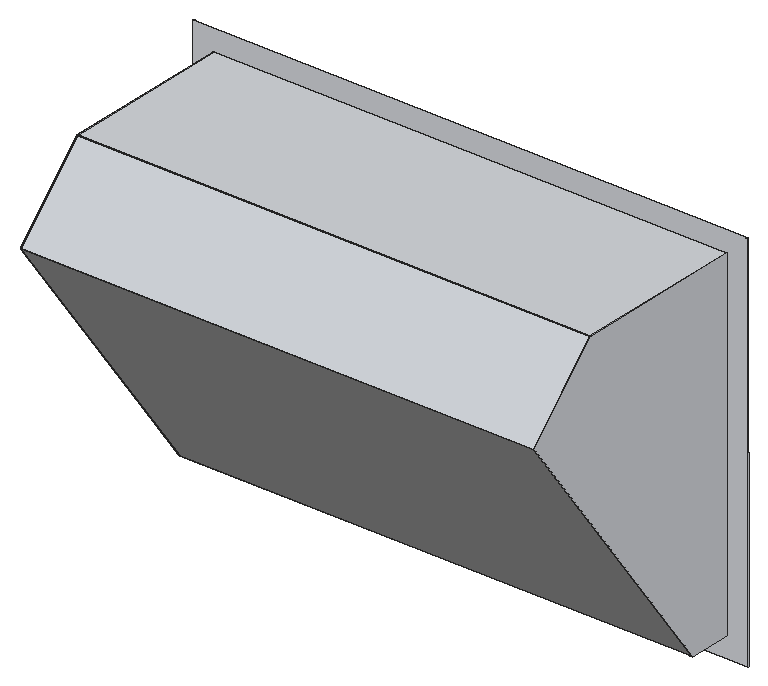
Revit family "WH (45 Degree Deflection)", category Mechanical Equipment, Revit 2015
Parameters
  URL = "https://unitedenertech.com/catalog/pdf/B_16%20WH.pdf"
  Type Comments = "Consult Factory for Max. Section and Assembly Size Limits"
  Q [instance] = F * 0.70711  # 0' - 4.94975"
  P [instance] = E + (F * 0.70711)  # 1' - 4.94975"
  Model = "WH"
  Manufacturer = "United Enertech Corporation"
  F = ((E + 0' 1 1/2") / 2) + 0' 0 1/4"  # 0' - 7"
  Exact Width = 3' - 0"
  Exact Height = 2' - 0"
  E = Exact Height / 2  # 1' - 0"
  Description = "45 Degree Deflection Wall Hood"
Reference planes (in)
  plane 1 "Center (Front/Back)": y = 0
  plane 2: z = 0
  plane 3 "Center (Left/Right)": x = 0
  plane 4: x = -18
  plane 5: x = 18
  plane 6: x = 18.0478
  plane 7: x = -18.0478
  plane 8: x = -19.5
  plane 9: x = 19.5
  plane 10: y = 0.0478
  plane 11: z = 24
  plane 12: z = 24.0478
  plane 13: z = -0.0478
  plane 14: z = 25.5
  plane 15: z = -1.5
  plane 16: y = -3
  plane 17: y = -12
  plane 18: y = -16.94975
  plane 19: z = 19.05025
Forms (in)
  Extrusion 1, solid
    sketch origin (0, 0, 0) x (1, 0, 0) y (0, 0, 1)
      loop
        line (-18, 24) -> (-18, 0) -> (18, 0) -> (18, 24) -> (-18, 24)
      loop
        line (-19.5, 25.5) -> (-19.5, -1.5) -> (19.5, -1.5) -> (19.5, 25.5) -> (-19.5, 25.5)
    from -0.0478 to 0
  Extrusion 2, solid
    sketch origin (0, 0, 0) x (0, 1, 0) y (0, 0, 1)
      loop
        line (0, 24.0478) -> (-12, 24.0478) -> (-12, 24) -> (0, 24) -> (0, 24.0478)
    from -18 to 18
  Extrusion 3, solid
    sketch origin (0, 0, 0) x (0, 1, 0) y (0, 0, 1)
      loop
        line (0, 0) -> (-3, 0) -> (-3, -0.0478) -> (0, -0.0478) -> (0, 0)
    from -18 to 18
  Extrusion 4, solid
    sketch origin (0, 0, 0) x (0, 1, 0) y (0, 0, 1)
      loop
        line (0, 24.0478) -> (-12, 24.0478) -> (-16.94975, 19.09805) -> (-3, -0.0478) -> (0, -0.0478) -> (0, 24.0478)
    from -18.0478 to -18
  Extrusion 5, solid
    sketch origin (0, 0, 0) x (0, 1, 0) y (0, 0, 1)
      loop
        line (0, 24.0478) -> (-12, 24.0478) -> (-16.94975, 19.09805) -> (-3, -0.0478) -> (0, -0.0478) -> (0, 24.0478)
    from 18 to 18.0478
  Extrusion 6, solid
    sketch origin (0, 0, 0) x (0, 1, 0) y (0, 0, 1)
      loop
        line (-12, 24.0478) -> (-16.94975, 19.09805) -> (-16.91595, 19.06425) -> (-11.9662, 24.014) -> (-12, 24.0478)
    from -18 to 18
  Extrusion 7, solid, material "Steel, S 355"
    sketch origin (0, 0, 0) x (0, 1, 0) y (0, 0, 1)
      loop
        line (-3, -0.0478) -> (-2.96645, -0.01425) -> (-16.9162, 19.0838) -> (-16.94975, 19.05025) -> (-3, -0.0478)
    from -18 to 18
Dimensions and locks (in)
  equal spacing: plane 4, plane 3 "Center (Left/Right)", plane 5
  "Exact Width": plane 4 to plane 5
  locked: plane 7 to plane 4 at 0.0478
  locked: plane 5 to plane 6 at 0.0478
  locked: plane 8 to plane 4 at 1.5
  locked: plane 5 to plane 9 at 1.5
  locked: plane 1 "Center (Front/Back)" to plane 10 at 0.0478
  "Exact Height": plane 11 to level
  locked: plane 12 to plane 11 at 0.0478
  locked: level to plane 13 at 0.0478
  locked: plane 14 to plane 11 at 1.5
  locked: level to plane 15 at 1.5
  locked: plane 1 "Center (Front/Back)" to plane 16 at 3
  "E": plane 1 "Center (Front/Back)" to plane 17
  "F": Extrusion 4 sketch curve to Extrusion 4 sketch curve
  "F": Extrusion 5 sketch curve to Extrusion 5 sketch curve
  "F": Extrusion 6 sketch curve to Extrusion 6 sketch curve
  "P": plane 1 "Center (Front/Back)" to plane 18
  "Q": plane 11 to plane 19
  locked: Extrusion 4 sketch curve to plane 12 (angle 45.00°)
  locked: Extrusion 5 sketch curve to plane 12 (angle 45.00°)
  locked: Extrusion 6 sketch curve to plane 12 (angle 45.00°)
  aligned and locked: level to plane 2
  aligned and locked: plane 15 to Extrusion 1 sketch curve
  aligned and locked: Extrusion 1 sketch curve to plane 9
  aligned and locked: Extrusion 1 sketch curve to plane 14
  aligned and locked: Extrusion 1 sketch curve to plane 8
  aligned and locked: plane 4 to Extrusion 1 sketch curve
  aligned and locked: level to Extrusion 1 sketch curve
  aligned and locked: Extrusion 1 sketch curve to plane 5
  aligned and locked: Extrusion 1 sketch curve to plane 11
  aligned and locked: plane 1 "Center (Front/Back)" to Extrusion 1
  aligned and locked: plane 10 to Extrusion 1
  aligned and locked: plane 1 "Center (Front/Back)" to Extrusion 2 sketch curve
  aligned and locked: Extrusion 2 sketch curve to plane 17
  aligned and locked: Extrusion 2 sketch curve to plane 12
  aligned and locked: plane 11 to Extrusion 2 sketch curve
  aligned and locked: plane 5 to Extrusion 2
  aligned and locked: Extrusion 2 to plane 4
  aligned and locked: plane 1 "Center (Front/Back)" to Extrusion 3 sketch curve
  aligned and locked: plane 16 to Extrusion 3 sketch curve
  aligned and locked: plane 13 to Extrusion 3 sketch curve
  aligned and locked: Extrusion 3 sketch curve to level
  aligned and locked: plane 5 to Extrusion 3
  aligned and locked: Extrusion 3 to plane 4
  aligned and locked: plane 12 to Extrusion 4 sketch curve
  aligned and locked: Extrusion 4 sketch curve to plane 1 "Center (Front/Back)"
  aligned and locked: Extrusion 4 sketch curve to plane 13
  aligned and locked: plane 17 to Extrusion 4 sketch curve
  aligned and locked: plane 16 to Extrusion 4 sketch curve
  aligned and locked: plane 4 to Extrusion 4
  aligned and locked: Extrusion 4 to plane 7
  aligned and locked: Extrusion 5 to plane 5
  aligned and locked: Extrusion 5 to plane 6
  aligned and locked: plane 12 to Extrusion 6 sketch curve
  aligned and locked: plane 5 to Extrusion 6
  aligned and locked: Extrusion 6 to plane 4
  aligned and locked: plane 16 to Extrusion 7 sketch curve
  aligned and locked: plane 19 to Extrusion 7 sketch curve
  aligned and locked: Extrusion 7 to plane 4
  aligned and locked: plane 5 to Extrusion 7
Automatic sketch dimensions
  Extrusion 7 sketch curve to plane 18 = 0' - 0"
  Extrusion 7 sketch curve to plane 13 = 0' - 0"
  Extrusion 7 sketch curve to plane 18 = 0' - 0.03355"
  plane 19 to Extrusion 7 sketch curve = 0' - 0.03355"
  Extrusion 7 sketch curve to level = 0' - 0.01425"
  plane 16 to Extrusion 7 sketch curve = 0' - 0.03355"
  Extrusion 5 sketch curve to plane 12 = 0' - 0"
  Extrusion 5 sketch curve to plane 17 = 0' - 0"
  Extrusion 5 sketch curve to plane 13 = 0' - 0"
  Extrusion 5 sketch curve to plane 16 = 0' - 0"
  Extrusion 5 sketch curve to plane 1 "Center (Front/Back)" = 0' - 0"
  Extrusion 6 sketch curve to plane 17 = 0' - 0"
  plane 19 to Extrusion 6 sketch curve = 0' - 0.014"
